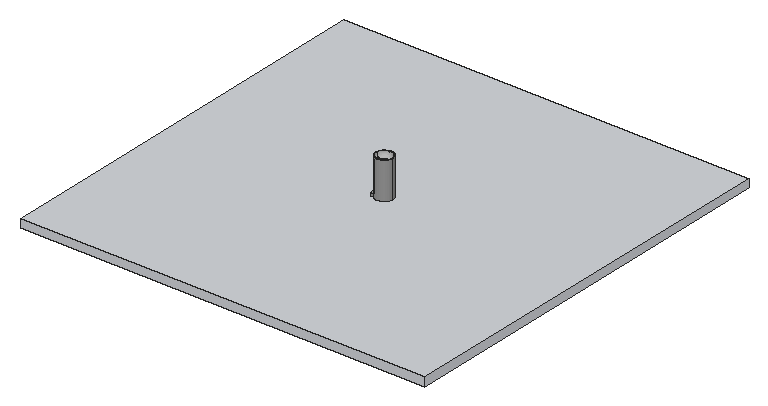
Revit family "LAMP_KOMBIC 100 SURFACE TRACK OPAL TW", category Luminarias, Revit 2018
Family settings
  Anfitrión = Cara
  Cota de conector redondo = Diámetro de uso
  Tipo de pieza = Normal
  Corte con vacíos al cargar = No
  Origen de luz = Sí
  Compartido = No
  Punto de cálculo de habitación = No
Parameters (values of type "1349LM TWK DALI BR/W")
  Ángulo de inclinación = -90.00°
  Weight = 0.498 kg
  UGR = ""
  Type = "COB BRIDGELUX"
  Protection rating = "IP40"
  Product datasheet = "http://www.lamp.es/product-files/TECH/K11TK2040OP9TWDRW-EN.pdf"
  Product code = "K11TK2040OP9TWDRW"
  Product URL = "https://www.lamp.es/en/family/kombic-surface_474354"
  Power Supply = "220-240V 50/60Hz"
  Power = 16 W
  Plum = 20.7 W
  Modelo = Product code  # "K11TK2040OP9TWDRW"
  Model explanation = "Possibility of chossing between surface or suspended within the model"
  Material reflector = LAMP_PC Reflector Kombic Metalizado Brillante
  Material floron = LAMP_Plástico genérico NG
  Material difusor = LAMP_PMMA Difusor Kombic
  Material cuerpo = LAMP_Plástico genérico BL
  Material cable suspension = LAMP_Acero genérico
  Manufacturer name = "LAMP"
  Manufacturer country = "Spain"
  Manufacturer URL = "http://www.lamp.es/en"
  MacAdam = "3"
  Luminaire type = "Track"
  Last update = "29/07/2021"
  Lamp = "COB LED"
  LED Lifetime = "70.000 L80 B10"
  Insulation class = "I"
  Installation instructions = "https://www.lamp.es/product-files/packed/by-family/474354_INS_all.zip"
  Initial color = "2700-5000"
  IEE = "A"
  Wattage = 19.5 W
  built-in parameter 1150107 = 3000 (stored number, unit not read)
  built-in parameter 1150110 = 1 (stored number, unit not read)
  built-in parameter 1150109 = 1 (stored number, unit not read)
  built-in parameter 1150112 = 1 (stored number, unit not read)
  built-in parameter 1150113 = 1 (stored number, unit not read)
  built-in parameter 1114218 = 1 (stored number, unit not read)
  built-in parameter 1150137 = (empty or 0)
  built-in parameter 1150132 = 2
  built-in parameter 1150105 = 1207.5 (stored number, unit not read)
  built-in parameter 1150102 = (empty or 0)
  built-in parameter 1150106 = 12.075 (stored number, unit not read)
  Height = 220 mm
  Gear = "Electronic"
  Lumens = 1349.4 lm
  Finish = "Matte Traffic white RAL 9016"
  Color Filter = 16777215
  built-in parameter 1114217 = 1 (stored number, unit not read)
  built-in parameter 1150139 = (empty or 0)
  Fabricante = Manufacturer name  # "LAMP"
  Default Elevation = 1219.2 mm
  built-in parameter 1150104 = 6.4289 (stored number, unit not read)
  Efficacy = 69.2 lm/W
  Diameter = 100 mm
  built-in parameter 1150115 = 1 (stored number, unit not read)
  built-in parameter 1150114 = 1 (stored number, unit not read)
  built-in parameter 1150138 = (empty or 0)
  built-in parameter 1150134 = (empty or 0)
  Dimming Lamp Color Temperature Shift = (empty or 0)
  CRI = "90"
  Archivo de red fotométrica = "K11rd2040OP9TWDRW.IES"
  built-in parameter 1150133 = 10 (stored number, unit not read)
Types (6, lengths in mm): name | Product datasheet | Product code | Plum | Modelo | Material reflector | Material cuerpo | built-in parameter 1150105 | built-in parameter 1150106 | Lumens | Finish | built-in parameter 1150104 | Efficacy | Archivo de red fotométrica
  1246LM TWK DALI W/B | "http://www.lamp.es/product-files/TECH/K11TK2040OP9TWDWB-EN.pdf" | "K11TK2040OP9TWDWB" | 20.7 W | "K11TK2040OP9TWDWB" | LAMP_PC Reflector Kombic Blanco | LAMP_Plástico genérico NG | 1115 (stored number, unit not read) | 11.15 (stored number, unit not read) | 1246.05 lm | "Matte black RAL 9011" | 5.9365 (stored number, unit not read) | 63.9 lm/W | "K11rd2040OP9TWDWw.IES"
  1246LM TWK DALI W/W | "http://www.lamp.es/product-files/TECH/K11TK2040OP9TWDWW-EN.pdf" | "K11TK2040OP9TWDWW" | 19.5 W | "K11TK2040OP9TWDWW" | LAMP_PC Reflector Kombic Blanco | LAMP_Plástico genérico BL | 1115 (stored number, unit not read) | 11.15 (stored number, unit not read) | 1246.05 lm | "Matte Traffic white RAL 9016" | 5.9365 (stored number, unit not read) | 63.9 lm/W | "K11rd2040OP9TWDWW.IES"
  1263LM TWK DALI M/B | "http://www.lamp.es/product-files/TECH/K11TK2040OP9TWDMB-EN.pdf" | "K11TK2040OP9TWDMB" | 20.7 W | "K11TK2040OP9TWDMB" | LAMP_PC Reflector Kombic Metalizado Mate | LAMP_Plástico genérico NG | 1130.7 (stored number, unit not read) | 11.307 (stored number, unit not read) | 1263.6 lm | "Matte black RAL 9011" | 6.0201 (stored number, unit not read) | 64.8 lm/W | "K11rd2040OP9TWDMw.IES"
  1263LM TWK DALI M/W | "http://www.lamp.es/product-files/TECH/K11TK2040OP9TWDMW-EN.pdf" | "K11TK2040OP9TWDMW" | 20.7 W | "K11TK2040OP9TWDMW" | LAMP_PC Reflector Kombic Metalizado Mate | LAMP_Plástico genérico BL | 1130.7 (stored number, unit not read) | 11.307 (stored number, unit not read) | 1263.6 lm | "Matte Traffic white RAL 9016" | 6.0201 (stored number, unit not read) | 64.8 lm/W | "K11rd2040OP9TWDMW.IES"
  1349LM TWK DALI BR/B | "http://www.lamp.es/product-files/TECH/K11TK2040OP9TWDRB-EN.pdf" | "K11TK2040OP9TWDRB" | 19.5 W | "K11TK2040OP9TWDRB" | LAMP_PC Reflector Kombic Metalizado Brillante | LAMP_Plástico genérico NG | 1207.5 (stored number, unit not read) | 12.075 (stored number, unit not read) | 1349.4 lm | "Matte black RAL 9011" | 6.4289 (stored number, unit not read) | 69.2 lm/W | "K11rd2040OP9TWDRw.IES"
  1349LM TWK DALI BR/W | "http://www.lamp.es/product-files/TECH/K11TK2040OP9TWDRW-EN.pdf" | "K11TK2040OP9TWDRW" | 20.7 W | "K11TK2040OP9TWDRW" | LAMP_PC Reflector Kombic Metalizado Brillante | LAMP_Plástico genérico BL | 1207.5 (stored number, unit not read) | 12.075 (stored number, unit not read) | 1349.4 lm | "Matte Traffic white RAL 9016" | 6.4289 (stored number, unit not read) | 69.2 lm/W | "K11rd2040OP9TWDRW.IES"
Reference planes
  plane 1 "Centro (Frontal/Posterior)": y = 0
  plane 2: z = 0
  plane 3 "Centro (Izquierda/Derecha)": x = 0
Forms (mm)
  Extrusion 1, solid
    sketch origin (0, 0, 0) x (1, 0, 0) y (0, 1, 0)
      loop
        line (-1219.2, 1219.2) -> (-1219.2, -1219.2) -> (1219.2, -1219.2) -> (1219.2, 1219.2) -> (-1219.2, 1219.2)
    from 0 to -50
  Extrusion 2, solid, material "LAMP_Plástico genérico BL" <- "Material cuerpo"
    sketch origin (0, 0, 0) x (1, 0, 0) y (0, 1, 0)
      loop
        circle (0, 0) r 50
    from 14 to 234
  Extrusion 3, void
    sketch origin (0, 0, 0) x (1, 0, 0) y (0, 1, 0)
      loop
        circle (0, 0) r 48
    from 25.333 to 234
  Sweep 4, solid, material "LAMP_PC Reflector Kombic Metalizado Brillante" <- "Material reflector"
    path origin (105.103, -251.845, 234) x (1, 0, 0) y (0, 1, 0)
      loop
        circle (-105.103, 251.959) r 48
    profile origin (0, 48.114, 234) x (0, -1, 0) y (0, 0, 1)
      loop
        arc (0, 0) -> (6.616, -20.646) -> (24, -33.6) r 35.52
        line (24, -33.6) -> (24, -32.6)
        arc (24, -32.6) -> (7.196, -20.217) -> (2, 0) r 31.112
        line (2, 0) -> (0, 0)
  Extrusion 5, solid, material "LAMP_PMMA Difusor Kombic" <- "Material difusor"
    sketch origin (0, 0, 0) x (1, 0, 0) y (0, 1, 0)
      loop
        circle (0, 0) r 24
    from 200.4 to 201.4
  Extrusion 6, solid, material "LAMP_Plástico genérico BL" <- "Material cuerpo"
    sketch origin (0, 0, 0) x (1, 0, 0) y (0, 1, 0)
      loop
        arc (-66.129, 16) -> (-70, 0) -> (-66.129, -16) r 35
        line (-66.129, -16) -> (-3.871, -16)
        arc (-3.871, -16) -> (0, 0) -> (-3.871, 16) r 35
        line (-3.871, 16) -> (-66.129, 16)
    from -26 to 14
  Extrusion 7, void
    sketch origin (0, 0, 0) x (0, 1, 0) y (0, 0, 1)
      loop
        line (17, 0) -> (7, 0) -> (7, -25) -> (-7, -25) -> (-7, 0) -> (-17, 0) -> (-17, -26) -> (17, -26) -> (17, 0)
    from -82.029 to 0
Cuts and joins
  Extrusion 3 cuts Extrusion 2
  Extrusion 7 cuts Extrusion 6
Text (mm)
  text "Any modification of the parameters and properties of the LAMP BIM models must be executed and validated by the LAMP technical department.\nPhone: +34 93 736 68 00\nE-mail: lamp@lamp.es\n\nLAMP reserves the right to modify the technical specifications of its products." at (1856.491, -4316.333, -2622.127), in view "Preview"
Dimensions and locks
  locked: Extrusion 2 to Extrusion 2 at 220
  locked: cut or joined group of Extrusion 2, Extrusion 3 to cut or joined group of Extrusion 2, Extrusion 3 at 208.667
  aligned and locked: plane 2 to Extrusion 1
  aligned and locked: level to Extrusion 1
  aligned and locked: Extrusion 2 to Extrusion 3
  aligned and locked: Sweep 4 to Extrusion 5
  aligned and locked: Extrusion 5 to Sweep 4
  aligned and locked: imposter light to cut or joined group of Extrusion 2, Extrusion 3
Connectors
  electrical at (0, 0, 14)
    settings: on cut or joined group of Extrusion 2, Extrusion 3, index 1, voltage 230 V, apparent load 0 VA, apparent load phase1 0 VA, apparent load phase2 0 VA, apparent load phase3 0 VA, power factor 1, load classification "Otro", number of poles 1, system type 31, power factor state 1, is connector primary yes, connector utility no, sub classification motor no, connector description ""
